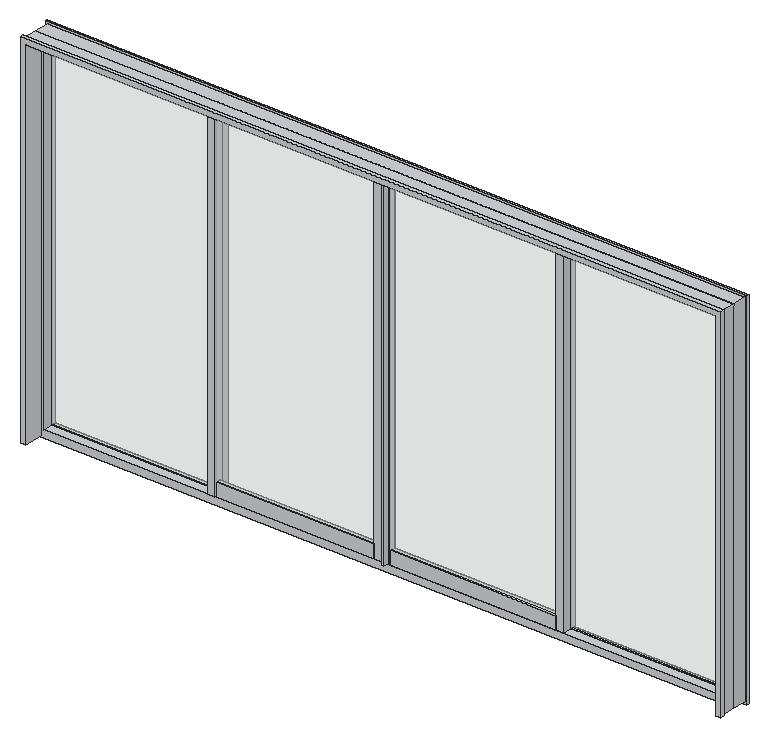
Revit family "APL Residential Thermal Heart Sliding Door FSSF", category Doors, host Wall, Revit 2017 (continued)
Definition of nested family "APL Residential Thermal Heart Sliding Door FSSF Horizontal Section"
  Definition of nested family "Interlocker"
    Definition of nested family "65500_Interlocker Stile"
      Lines and regions (mm)
        model lines, in view "Ref. Level"
          curve 246: line (-27.936, 24.829, 0) -> (-27.052, 26.357, 0)
          curve 247: line (-26.998, 26.557, 0) -> (-26.998, 26.85, 0)
          curve 248: line (-27.398, 27.25, 0) -> (-30.798, 27.25, 0)
          curve 249: line (-31.198, 26.85, 0) -> (-31.198, 26.557, 0)
          curve 250: line (-31.144, 26.357, 0) -> (-30.259, 24.829, 0)
          curve 251: line (-30.295, 23.934, 0) -> (-32.735, 23.046, 0)
          curve 252: line (-32.998, 22.67, 0) -> (-32.998, 17.03, 0)
          curve 253: line (-32.735, 16.654, 0) -> (-30.295, 15.766, 0)
          curve 254: line (-30.259, 14.871, 0) -> (-31.144, 13.343, 0)
          curve 255: line (-31.198, 13.143, 0) -> (-31.198, 12.85, 0)
          curve 256: line (-30.798, 12.45, 0) -> (-27.398, 12.45, 0)
          curve 257: arc (-16.7, 4.122, 0) -> (-16.583, 3.839, 0) -> (-16.3, 3.722, 0) r 0.4
          curve 258: arc (-16.007, 3.722, 0) -> (-15.904, 3.736, 0) -> (-15.807, 3.776, 0) r 0.4
          curve 259: arc (-14.279, 4.66, 0) -> (-13.989, 4.781, 0) -> (-13.678, 4.822, 0) r 1.2
          curve 260: arc (-12.755, 4.822, 0) -> (-12.182, 5.003, 0) -> (-11.816, 5.48, 0) r 1
          curve 261: arc (-11.023, 7.659, 0) -> (-10.876, 7.849, 0) -> (-10.647, 7.922, 0) r 0.4
          curve 262: arc (-7.953, 7.922, 0) -> (-7.724, 7.849, 0) -> (-7.577, 7.659, 0) r 0.4
          curve 263: arc (-6.784, 5.48, 0) -> (-6.418, 5.003, 0) -> (-5.845, 4.822, 0) r 1
          curve 264: arc (-4.922, 4.822, 0) -> (-4.611, 4.781, 0) -> (-4.321, 4.66, 0) r 1.2
          curve 265: arc (-2.793, 3.776, 0) -> (-2.696, 3.736, 0) -> (-2.593, 3.722, 0) r 0.4
          curve 266: arc (-2.3, 3.722, 0) -> (-2.017, 3.839, 0) -> (-1.9, 4.122, 0) r 0.4
          curve 267: arc (-1.9, 7.522, 0) -> (-2.017, 7.805, 0) -> (-2.3, 7.922, 0) r 0.4
          curve 268: arc (-2.593, 7.922, 0) -> (-2.696, 7.908, 0) -> (-2.793, 7.868, 0) r 0.4
          curve 269: arc (-4.321, 6.983, 0) -> (-4.615, 6.862, 0) -> (-4.93, 6.822, 0) r 1.2
          curve 270: arc (-4.93, 6.822, 0) -> (-5.105, 6.875, 0) -> (-5.216, 7.019, 0) r 0.3
          curve 271: arc (-6.104, 9.459, 0) -> (-6.251, 9.649, 0) -> (-6.48, 9.722, 0) r 0.4
          curve 272: arc (-12.12, 9.722, 0) -> (-12.349, 9.649, 0) -> (-12.496, 9.459, 0) r 0.4
          curve 273: arc (-13.384, 7.019, 0) -> (-13.495, 6.875, 0) -> (-13.67, 6.822, 0) r 0.3
          curve 274: arc (-13.67, 6.822, 0) -> (-13.985, 6.862, 0) -> (-14.279, 6.983, 0) r 1.2
          curve 275: arc (-15.807, 7.868, 0) -> (-15.904, 7.908, 0) -> (-16.007, 7.922, 0) r 0.4
          curve 276: arc (-16.3, 7.922, 0) -> (-16.583, 7.805, 0) -> (-16.7, 7.522, 0) r 0.4
          curve 277: line (-16.3, 3.722, 0) -> (-16.007, 3.722, 0)
          curve 278: line (-15.807, 3.776, 0) -> (-14.279, 4.66, 0)
          curve 279: line (-13.678, 4.822, 0) -> (-12.755, 4.822, 0)
          curve 280: line (-11.816, 5.48, 0) -> (-11.023, 7.659, 0)
          curve 281: line (-10.647, 7.922, 0) -> (-7.953, 7.922, 0)
          curve 282: line (-7.577, 7.659, 0) -> (-6.784, 5.48, 0)
          curve 283: line (-5.845, 4.822, 0) -> (-4.922, 4.822, 0)
          curve 284: line (-4.321, 4.66, 0) -> (-2.793, 3.776, 0)
          curve 285: line (-2.593, 3.722, 0) -> (-2.3, 3.722, 0)
          curve 286: line (-1.9, 4.122, 0) -> (-1.9, 7.522, 0)
          curve 287: line (-2.3, 7.922, 0) -> (-2.593, 7.922, 0)
          curve 288: line (-2.793, 7.868, 0) -> (-4.321, 6.983, 0)
          curve 289: line (-5.216, 7.019, 0) -> (-6.104, 9.459, 0)
          curve 290: line (-6.48, 9.722, 0) -> (-12.12, 9.722, 0)
          curve 291: line (-12.496, 9.459, 0) -> (-13.384, 7.019, 0)
          curve 292: line (-14.279, 6.983, 0) -> (-15.807, 7.868, 0)
          curve 293: line (-16.007, 7.922, 0) -> (-16.3, 7.922, 0)
          curve 294: line (-16.7, 7.522, 0) -> (-16.7, 4.122, 0)
      Text (mm)
        text "65500" at (-34.845, 58.95, 0), in view "Ref. Level"
    Definition of nested family "65420_Interlocker Mullion"
      Reference planes
        plane 1 "Center (Front/Back)": y = 0
        plane 2: z = 0
        plane 3 "Center (Left/Right)": x = 0
      Lines and regions (mm)
        model lines, in view "Ref. Level"
          curve 1: arc (-24.6, 25.5, 0) -> (-24.746, 25.146, 0) -> (-25.1, 25, 0) r 0.5
          curve 2: arc (-27.45, 25, 0) -> (-27.668, 25.128, 0) -> (-27.663, 25.38, 0) r 0.25
          curve 3: arc (-27.611, 25.466, 0) -> (-27.479, 25.572, 0) -> (-27.309, 25.569, 0) r 0.25
          curve 4: arc (-26.544, 26.823, 0) -> (-26.511, 26.898, 0) -> (-26.5, 26.979, 0) r 0.3
          curve 5: arc (-26.5, 27.5, 0) -> (-26.578, 27.658, 0) -> (-26.75, 27.694, 0) r 0.2
          curve 6: arc (-30.753, 27.5, 0) -> (-30.875, 27.526, 0) -> (-30.976, 27.6, 0) r 0.3
          curve 7: arc (-30.976, 27.6, 0) -> (-31.307, 27.68, 0) -> (-31.5, 27.4, 0) r 0.3
          curve 8: arc (-30.957, 25.179, 0) -> (-30.905, 25.09, 0) -> (-30.816, 25.038, 0) r 0.2
          curve 9: arc (-30.648, 24.993, 0) -> (-30.507, 24.852, 0) -> (-30.559, 24.659, 0) r 0.2
          curve 10: arc (-30.922, 24.295, 0) -> (-31.008, 24.235, 0) -> (-31.108, 24.208, 0) r 0.3
          curve 11: arc (-33.474, 24.001, 0) -> (-33.738, 24.117, 0) -> (-33.782, 24.403, 0) r 0.3
          curve 12: arc (-33.268, 25.813, 0) -> (-33.181, 25.939, 0) -> (-33.043, 26.005, 0) r 0.3
          curve 13: arc (-33.043, 26.005, 0) -> (-32.801, 26.278, 0) -> (-33, 26.583, 0) r 0.3
          curve 14: arc (-33, 44.4, 0) -> (-33.059, 44.541, 0) -> (-33.2, 44.6, 0) r 0.2
          curve 15: arc (-44.5, 43.5, 0) -> (-44.793, 42.793, 0) -> (-45.5, 42.5, 0) r 1
          curve 16: arc (-46.25, 42.5, 0) -> (-46.749, 43, 0) -> (-46.25, 43.5, 0) r 0.5
          curve 17: arc (-50.25, 43.5, 0) -> (-49.749, 43, 0) -> (-50.25, 42.5, 0) r 0.5
          curve 18: arc (-51.8, 42.5, 0) -> (-51.941, 42.559, 0) -> (-52, 42.7, 0) r 0.2
          curve 19: arc (-52, 61.948, 0) -> (-51.854, 62.303, 0) -> (-51.5, 62.45, 0) r 0.5
          curve 20: arc (-49.183, 62.45, 0) -> (-48.878, 62.251, 0) -> (-48.605, 62.493, 0) r 0.3
          curve 21: arc (-48.605, 62.493, 0) -> (-48.539, 62.631, 0) -> (-48.413, 62.718, 0) r 0.3
          curve 22: arc (-47.003, 63.232, 0) -> (-46.717, 63.188, 0) -> (-46.601, 62.924, 0) r 0.3
          curve 23: arc (-46.808, 60.558, 0) -> (-46.835, 60.458, 0) -> (-46.895, 60.372, 0) r 0.3
          curve 24: arc (-47.259, 60.009, 0) -> (-47.452, 59.957, 0) -> (-47.593, 60.098, 0) r 0.2
          curve 25: arc (-47.638, 60.266, 0) -> (-47.69, 60.355, 0) -> (-47.779, 60.407, 0) r 0.2
          curve 26: arc (-50, 60.95, 0) -> (-50.28, 60.757, 0) -> (-50.2, 60.426, 0) r 0.3
          curve 27: arc (-50.2, 60.426, 0) -> (-50.126, 60.325, 0) -> (-50.1, 60.203, 0) r 0.3
          curve 28: arc (-50.294, 56.2, 0) -> (-50.258, 56.028, 0) -> (-50.1, 55.95, 0) r 0.2
          curve 29: arc (-49.579, 55.95, 0) -> (-49.498, 55.961, 0) -> (-49.423, 55.994, 0) r 0.3
          curve 30: arc (-48.169, 56.759, 0) -> (-48.172, 56.929, 0) -> (-48.066, 57.061, 0) r 0.25
          curve 31: arc (-47.98, 57.113, 0) -> (-47.728, 57.118, 0) -> (-47.6, 56.9, 0) r 0.25
          curve 32: arc (-47.6, 54.875, 0) -> (-47.626, 54.778, 0) -> (-47.696, 54.705, 0) r 0.2
          curve 33: arc (-50.261, 53.139, 0) -> (-50.436, 52.957, 0) -> (-50.5, 52.712, 0) r 0.5
          curve 34: arc (-50.5, 47, 0) -> (-50.354, 46.646, 0) -> (-50, 46.5, 0) r 0.5
          curve 35: arc (-45.5, 46.5, 0) -> (-44.986, 46.409, 0) -> (-44.533, 46.147, 0) r 1.5
          curve 36: arc (-33.2, 46.1, 0) -> (-31.998, 45.602, 0) -> (-31.5, 44.4, 0) r 1.7
          curve 37: line (-24.6, 27.5, 0) -> (-24.6, 25.5, 0)
          curve 38: line (-25.1, 25, 0) -> (-27.45, 25, 0)
          curve 39: line (-27.309, 25.569, 0) -> (-26.544, 26.823, 0)
          curve 40: line (-26.544, 26.823, 0) -> (-26.5, 27.5, 0)
          curve 41: line (-26.75, 27.694, 0) -> (-27.5, 27.5, 0)
          curve 42: line (-27.475, 27.506, 0) -> (-30.753, 27.5, 0)
          curve 43: line (-31.5, 27.246, 0) -> (-30.957, 25.179, 0)
          curve 44: line (-30.957, 25.179, 0) -> (-30.648, 24.993, 0)
          curve 45: line (-30.559, 24.659, 0) -> (-30.922, 24.295, 0)
          curve 46: line (-31.108, 24.208, 0) -> (-33.474, 24.001, 0)
          curve 47: line (-33.782, 24.403, 0) -> (-33.268, 25.813, 0)
          curve 48: line (-33, 26.583, 0) -> (-33, 33.5, 0)
          curve 49: line (-33, 33.5, 0) -> (-32.6, 33.9, 0)
          curve 50: line (-32.6, 33.9, 0) -> (-33, 34.3, 0)
          curve 51: line (-33, 34.3, 0) -> (-33, 44.4, 0)
          curve 52: line (-33.2, 44.6, 0) -> (-44.5, 44.6, 0)
          curve 53: line (-44.5, 44.6, 0) -> (-44.5, 43.5, 0)
          curve 54: line (-45.5, 42.5, 0) -> (-46.25, 42.5, 0)
          curve 55: line (-46.25, 43.5, 0) -> (-45.5, 43.5, 0)
          curve 56: line (-45.5, 43.5, 0) -> (-45.5, 45, 0)
          curve 57: line (-45.5, 45, 0) -> (-51, 45, 0)
          curve 58: line (-51, 45, 0) -> (-51, 43.5, 0)
          curve 59: line (-51, 43.5, 0) -> (-50.25, 43.5, 0)
          curve 60: line (-50.25, 42.5, 0) -> (-51.8, 42.5, 0)
          curve 61: line (-52, 42.7, 0) -> (-52, 61.948, 0)
          curve 62: line (-51.5, 62.45, 0) -> (-49.183, 62.45, 0)
          curve 63: line (-48.413, 62.718, 0) -> (-47.003, 63.232, 0)
          curve 64: line (-46.601, 62.924, 0) -> (-46.808, 60.558, 0)
          curve 65: line (-46.895, 60.372, 0) -> (-47.259, 60.009, 0)
          curve 66: line (-47.593, 60.098, 0) -> (-47.638, 60.266, 0)
          curve 67: line (-47.638, 60.266, 0) -> (-49.768, 60.94, 0)
          curve 68: line (-49.768, 60.94, 0) -> (-50, 60.95, 0)
          curve 69: line (-50.1, 60.203, 0) -> (-50.1, 56.975, 0)
          curve 70: line (-50.1, 56.975, 0) -> (-50.294, 56.2, 0)
          curve 71: line (-50.1, 55.95, 0) -> (-49.579, 55.95, 0)
          curve 72: line (-49.579, 55.95, 0) -> (-48.169, 56.759, 0)
          curve 73: line (-47.6, 56.9, 0) -> (-47.6, 54.875, 0)
          curve 74: line (-47.696, 54.705, 0) -> (-50.261, 53.139, 0)
          curve 75: line (-50.5, 52.712, 0) -> (-50.5, 47, 0)
          curve 76: line (-50, 46.5, 0) -> (-45.5, 46.5, 0)
          curve 77: line (-44.405, 46.1, 0) -> (-33.2, 46.1, 0)
          curve 78: line (-31.5, 44.4, 0) -> (-31.5, 37.486, 0)
          curve 79: arc (-31.5, 37.486, 0) -> (-31.229, 37.041, 0) -> (-30.71, 37.078, 0) r 0.5
          curve 80: arc (-30.71, 37.078, 0) -> (-28.151, 37.789, 0) -> (-25.73, 36.695, 0) r 3.9
          curve 81: arc (-25.73, 36.695, 0) -> (-25.713, 35.422, 0) -> (-26.985, 35.405, 0) r 0.9
          curve 82: arc (-26.985, 35.405, 0) -> (-28.45, 36, 0) -> (-29.915, 35.405, 0) r 2.1
          curve 83: arc (-29.915, 35.405, 0) -> (-30.077, 35.28, 0) -> (-30.264, 35.194, 0) r 0.9
          curve 84: arc (-30.264, 35.194, 0) -> (-30.436, 35.097, 0) -> (-30.557, 34.94, 0) r 0.5
          curve 85: arc (-30.557, 34.94, 0) -> (-30.8, 33.9, 0) -> (-30.557, 32.86, 0) r 2.35
          curve 86: arc (-30.557, 32.86, 0) -> (-30.436, 32.703, 0) -> (-30.264, 32.606, 0) r 0.5
          curve 87: arc (-30.264, 32.606, 0) -> (-30.077, 32.52, 0) -> (-29.915, 32.395, 0) r 0.9
          curve 88: arc (-29.915, 32.395, 0) -> (-28.45, 31.8, 0) -> (-26.985, 32.395, 0) r 2.1
          curve 89: arc (-26.985, 32.395, 0) -> (-25.713, 32.378, 0) -> (-25.73, 31.105, 0) r 0.9
          curve 90: arc (-25.73, 31.105, 0) -> (-26.113, 30.778, 0) -> (-26.534, 30.503, 0) r 3.9
          curve 91: arc (-26.534, 30.503, 0) -> (-26.781, 29.979, 0) -> (-26.368, 29.574, 0) r 0.5
          curve 92: arc (-26.368, 29.574, 0) -> (-25.102, 28.862, 0) -> (-24.6, 27.5, 0) r 2.1
          curve 93: arc (-35.3, 56.85, 0) -> (-35.417, 56.567, 0) -> (-35.7, 56.45, 0) r 0.4
          curve 94: arc (-35.993, 56.45, 0) -> (-36.096, 56.464, 0) -> (-36.193, 56.504, 0) r 0.4
          curve 95: arc (-37.721, 57.389, 0) -> (-38.011, 57.509, 0) -> (-38.322, 57.55, 0) r 1.2
          curve 96: arc (-39.245, 57.55, 0) -> (-39.818, 57.731, 0) -> (-40.184, 58.208, 0) r 1
          curve 97: arc (-40.977, 60.387, 0) -> (-41.124, 60.578, 0) -> (-41.353, 60.65, 0) r 0.4
          curve 98: arc (-44.047, 60.65, 0) -> (-44.276, 60.578, 0) -> (-44.423, 60.387, 0) r 0.4
          curve 99: arc (-45.216, 58.208, 0) -> (-45.582, 57.731, 0) -> (-46.155, 57.55, 0) r 1
          curve 100: arc (-47.078, 57.55, 0) -> (-47.389, 57.509, 0) -> (-47.679, 57.389, 0) r 1.2
          curve 101: arc (-49.207, 56.504, 0) -> (-49.304, 56.464, 0) -> (-49.407, 56.45, 0) r 0.4
          curve 102: arc (-49.7, 56.45, 0) -> (-49.983, 56.567, 0) -> (-50.1, 56.85, 0) r 0.4
          curve 103: arc (-50.1, 60.25, 0) -> (-49.983, 60.533, 0) -> (-49.7, 60.65, 0) r 0.4
          curve 104: arc (-49.407, 60.65, 0) -> (-49.304, 60.636, 0) -> (-49.207, 60.596, 0) r 0.4
          curve 105: arc (-47.679, 59.711, 0) -> (-47.385, 59.59, 0) -> (-47.07, 59.55, 0) r 1.2
          curve 106: arc (-47.07, 59.55, 0) -> (-46.895, 59.603, 0) -> (-46.784, 59.747, 0) r 0.3
          curve 107: arc (-45.896, 62.187, 0) -> (-45.749, 62.378, 0) -> (-45.52, 62.45, 0) r 0.4
          curve 108: arc (-39.88, 62.45, 0) -> (-39.651, 62.378, 0) -> (-39.504, 62.187, 0) r 0.4
          curve 109: arc (-38.616, 59.747, 0) -> (-38.505, 59.603, 0) -> (-38.33, 59.55, 0) r 0.3
          curve 110: arc (-38.33, 59.55, 0) -> (-38.015, 59.59, 0) -> (-37.721, 59.711, 0) r 1.2
          curve 111: arc (-36.193, 60.596, 0) -> (-36.096, 60.636, 0) -> (-35.993, 60.65, 0) r 0.4
          curve 112: arc (-35.7, 60.65, 0) -> (-35.417, 60.533, 0) -> (-35.3, 60.25, 0) r 0.4
          curve 113: line (-35.7, 56.45, 0) -> (-35.993, 56.45, 0)
          curve 114: line (-36.193, 56.504, 0) -> (-37.721, 57.389, 0)
          curve 115: line (-38.322, 57.55, 0) -> (-39.245, 57.55, 0)
          curve 116: line (-40.184, 58.208, 0) -> (-40.977, 60.387, 0)
          curve 117: line (-41.353, 60.65, 0) -> (-44.047, 60.65, 0)
          curve 118: line (-44.423, 60.387, 0) -> (-45.216, 58.208, 0)
          curve 119: line (-46.155, 57.55, 0) -> (-47.078, 57.55, 0)
          curve 120: line (-47.679, 57.389, 0) -> (-49.207, 56.504, 0)
          curve 121: line (-49.407, 56.45, 0) -> (-49.7, 56.45, 0)
          curve 122: line (-50.1, 56.85, 0) -> (-50.1, 60.25, 0)
          curve 123: line (-49.7, 60.65, 0) -> (-49.407, 60.65, 0)
          curve 124: line (-49.207, 60.596, 0) -> (-47.679, 59.711, 0)
          curve 125: line (-46.784, 59.747, 0) -> (-45.896, 62.187, 0)
          curve 126: line (-45.52, 62.45, 0) -> (-39.88, 62.45, 0)
          curve 127: line (-39.504, 62.187, 0) -> (-38.616, 59.747, 0)
          curve 128: line (-37.721, 59.711, 0) -> (-36.193, 60.596, 0)
          curve 129: line (-35.993, 60.65, 0) -> (-35.7, 60.65, 0)
          curve 130: line (-35.3, 60.25, 0) -> (-35.3, 56.85, 0)
          curve 131: arc (-27.4, 27.5, 0) -> (-27.117, 27.383, 0) -> (-27, 27.1, 0) r 0.4
          curve 132: arc (-27, 26.807, 0) -> (-27.014, 26.704, 0) -> (-27.054, 26.607, 0) r 0.4
          curve 133: arc (-27.939, 25.079, 0) -> (-28.059, 24.789, 0) -> (-28.1, 24.478, 0) r 1.2
          curve 134: arc (-28.1, 23.555, 0) -> (-28.281, 22.982, 0) -> (-28.758, 22.616, 0) r 1
          curve 135: arc (-30.937, 21.823, 0) -> (-31.128, 21.676, 0) -> (-31.2, 21.447, 0) r 0.4
          curve 136: arc (-31.2, 18.753, 0) -> (-31.128, 18.524, 0) -> (-30.937, 18.377, 0) r 0.4
          curve 137: arc (-28.758, 17.584, 0) -> (-28.281, 17.218, 0) -> (-28.1, 16.645, 0) r 1
          curve 138: arc (-28.1, 15.722, 0) -> (-28.059, 15.411, 0) -> (-27.939, 15.121, 0) r 1.2
          curve 139: arc (-27.054, 13.593, 0) -> (-27.014, 13.496, 0) -> (-27, 13.393, 0) r 0.4
          curve 140: arc (-27, 13.1, 0) -> (-27.117, 12.817, 0) -> (-27.4, 12.7, 0) r 0.4
          curve 141: arc (-30.8, 12.7, 0) -> (-31.083, 12.817, 0) -> (-31.2, 13.1, 0) r 0.4
          curve 142: arc (-31.2, 13.393, 0) -> (-31.186, 13.496, 0) -> (-31.146, 13.593, 0) r 0.4
          curve 143: arc (-30.261, 15.121, 0) -> (-30.14, 15.415, 0) -> (-30.1, 15.73, 0) r 1.2
          curve 144: arc (-30.1, 15.73, 0) -> (-30.153, 15.905, 0) -> (-30.297, 16.016, 0) r 0.3
          curve 145: arc (-32.737, 16.904, 0) -> (-32.928, 17.051, 0) -> (-33, 17.28, 0) r 0.4
          curve 146: arc (-33, 22.92, 0) -> (-32.928, 23.149, 0) -> (-32.737, 23.296, 0) r 0.4
          curve 147: arc (-30.297, 24.184, 0) -> (-30.153, 24.295, 0) -> (-30.1, 24.47, 0) r 0.3
          curve 148: arc (-30.1, 24.47, 0) -> (-30.14, 24.785, 0) -> (-30.261, 25.079, 0) r 1.2
          curve 149: arc (-31.146, 26.607, 0) -> (-31.186, 26.704, 0) -> (-31.2, 26.807, 0) r 0.4
          curve 150: arc (-31.2, 27.1, 0) -> (-31.083, 27.383, 0) -> (-30.8, 27.5, 0) r 0.4
          curve 151: line (-27, 27.1, 0) -> (-27, 26.807, 0)
          curve 152: line (-27.054, 26.607, 0) -> (-27.939, 25.079, 0)
          curve 153: line (-28.1, 24.478, 0) -> (-28.1, 23.555, 0)
          curve 154: line (-28.758, 22.616, 0) -> (-30.937, 21.823, 0)
          curve 155: line (-31.2, 21.447, 0) -> (-31.2, 18.753, 0)
          curve 156: line (-30.937, 18.377, 0) -> (-28.758, 17.584, 0)
          curve 157: line (-28.1, 16.645, 0) -> (-28.1, 15.722, 0)
          curve 158: line (-27.939, 15.121, 0) -> (-27.054, 13.593, 0)
          curve 159: line (-27, 13.393, 0) -> (-27, 13.1, 0)
          curve 160: line (-27.4, 12.7, 0) -> (-30.8, 12.7, 0)
          curve 161: line (-31.2, 13.1, 0) -> (-31.2, 13.393, 0)
          curve 162: line (-31.146, 13.593, 0) -> (-30.261, 15.121, 0)
          curve 163: line (-30.297, 16.016, 0) -> (-32.737, 16.904, 0)
          curve 164: line (-33, 17.28, 0) -> (-33, 22.92, 0)
          curve 165: line (-32.737, 23.296, 0) -> (-30.297, 24.184, 0)
          curve 166: line (-30.261, 25.079, 0) -> (-31.146, 26.607, 0)
          curve 167: line (-31.2, 26.807, 0) -> (-31.2, 27.1, 0)
          curve 168: line (-30.8, 27.5, 0) -> (-27.4, 27.5, 0)
          curve 169: arc (-21.001, 10.8, 0) -> (-21.707, 10.507, 0) -> (-22, 9.8, 0) r 1
          curve 170: arc (-22, 3.501, 0) -> (-21.707, 2.793, 0) -> (-21, 2.5, 0) r 1
          curve 171: arc (-2.8, 2.5, 0) -> (-2.093, 2.793, 0) -> (-1.8, 3.5, 0) r 1
          curve 172: arc (-1.8, 9.8, 0) -> (-2.093, 10.507, 0) -> (-2.8, 10.8, 0) r 1
          curve 173: arc (-2.656, 30.548, 0) -> (-2.153, 30.553, 0) -> (-1.9, 30.119, 0) r 0.5
          curve 174: arc (-1.9, 13.7, 0) -> (-2.193, 12.993, 0) -> (-2.9, 12.7, 0) r 1
          curve 175: arc (-24.1, 12.7, 0) -> (-24.454, 12.846, 0) -> (-24.6, 13.2, 0) r 0.5
          curve 176: arc (-24.6, 14.698, 0) -> (-24.746, 15.053, 0) -> (-25.1, 15.2, 0) r 0.5
          curve 177: arc (-27.449, 15.2, 0) -> (-27.668, 15.073, 0) -> (-27.663, 14.82, 0) r 0.25
          curve 178: arc (-27.611, 14.734, 0) -> (-27.479, 14.628, 0) -> (-27.309, 14.631, 0) r 0.25
          curve 179: arc (-26.544, 13.377, 0) -> (-26.511, 13.302, 0) -> (-26.5, 13.221, 0) r 0.3
          curve 180: arc (-26.5, 12.7, 0) -> (-26.578, 12.542, 0) -> (-26.75, 12.506, 0) r 0.2
          curve 181: arc (-30.753, 12.7, 0) -> (-30.875, 12.674, 0) -> (-30.976, 12.6, 0) r 0.3
          curve 182: arc (-30.976, 12.6, 0) -> (-31.307, 12.52, 0) -> (-31.5, 12.8, 0) r 0.3
          curve 183: arc (-30.957, 15.021, 0) -> (-30.905, 15.11, 0) -> (-30.816, 15.162, 0) r 0.2
          curve 184: arc (-30.648, 15.207, 0) -> (-30.507, 15.348, 0) -> (-30.559, 15.541, 0) r 0.2
          curve 185: arc (-30.922, 15.905, 0) -> (-31.008, 15.965, 0) -> (-31.108, 15.992, 0) r 0.3
          curve 186: arc (-33.474, 16.199, 0) -> (-33.738, 16.083, 0) -> (-33.782, 15.797, 0) r 0.3
          curve 187: arc (-33.268, 14.387, 0) -> (-33.181, 14.261, 0) -> (-33.043, 14.195, 0) r 0.3
          curve 188: arc (-33.043, 14.195, 0) -> (-32.801, 13.922, 0) -> (-33, 13.617, 0) r 0.3
          curve 189: arc (-33, 9.5, 0) -> (-32.941, 9.359, 0) -> (-32.8, 9.3, 0) r 0.2
          curve 190: arc (-32.5, 9.3, 0) -> (-32.2, 9.38, 0) -> (-31.98, 9.6, 0) r 0.6
          curve 191: arc (-31.345, 10.7, 0) -> (-31.272, 10.773, 0) -> (-31.172, 10.8, 0) r 0.2
          curve 192: arc (-25, 10.8, 0) -> (-24.293, 10.507, 0) -> (-24, 9.8, 0) r 1
          curve 193: arc (-24, 2.463, 0) -> (-24.286, 1.763, 0) -> (-24.98, 1.463, 0) r 1
          curve 194: arc (-31.935, 1.322, 0) -> (-32.052, 1.357, 0) -> (-32.127, 1.453, 0) r 0.2
          curve 195: arc (-32.127, 1.453, 0) -> (-32.234, 1.621, 0) -> (-32.403, 1.725, 0) r 0.45
          curve 196: arc (-32.403, 1.725, 0) -> (-32.522, 1.729, 0) -> (-32.621, 1.665, 0) r 0.2
          curve 197: arc (-33, 0.2, 0) -> (-32.941, 0.059, 0) -> (-32.8, 0, 0) r 0.2
          curve 198: arc (-0.5, 0, 0) -> (-0.146, 0.146, 0) -> (0, 0.5, 0) r 0.5
          curve 199: arc (0, 70.3, 0) -> (-0.059, 70.441, 0) -> (-0.2, 70.5, 0) r 0.2
          curve 200: arc (-0.8, 70.5, 0) -> (-0.941, 70.441, 0) -> (-1, 70.3, 0) r 0.2
          curve 201: arc (-1, 69.7, 0) -> (-1.059, 69.559, 0) -> (-1.2, 69.5, 0) r 0.2
          curve 202: arc (-8.75, 69.5, 0) -> (-9.25, 69, 0) -> (-8.75, 68.5, 0) r 0.5
          curve 203: arc (-7.85, 68.5, 0) -> (-7.709, 68.441, 0) -> (-7.65, 68.3, 0) r 0.2
          curve 204: arc (-7.65, 67.2, 0) -> (-7.709, 67.059, 0) -> (-7.85, 67, 0) r 0.2
          curve 205: arc (-15.15, 67, 0) -> (-15.291, 67.059, 0) -> (-15.35, 67.2, 0) r 0.2
          curve 206: arc (-15.35, 68.3, 0) -> (-15.291, 68.441, 0) -> (-15.15, 68.5, 0) r 0.2
          curve 207: arc (-14.25, 68.5, 0) -> (-13.75, 69, 0) -> (-14.25, 69.5, 0) r 0.5
          curve 208: arc (-14.85, 69.5, 0) -> (-15.204, 69.646, 0) -> (-15.35, 70, 0) r 0.5
          curve 209: arc (-15.35, 70, 0) -> (-15.496, 70.354, 0) -> (-15.85, 70.5, 0) r 0.5
          curve 210: arc (-30.65, 70.5, 0) -> (-31.399, 69.779, 0) -> (-30.709, 69.002, 0) r 0.75
          curve 211: arc (-20.534, 68.077, 0) -> (-20.403, 68.013, 0) -> (-20.35, 67.877, 0) r 0.2
          curve 212: arc (-20.35, 67.25, 0) -> (-19.85, 66.75, 0) -> (-19.35, 67.25, 0) r 0.5
          curve 213: arc (-19.35, 67.8, 0) -> (-19.291, 67.941, 0) -> (-19.15, 68, 0) r 0.2
          curve 214: arc (-18.05, 68, 0) -> (-17.909, 67.941, 0) -> (-17.85, 67.8, 0) r 0.2
          curve 215: arc (-17.85, 62.7, 0) -> (-17.909, 62.559, 0) -> (-18.05, 62.5, 0) r 0.2
          curve 216: arc (-19.15, 62.5, 0) -> (-19.291, 62.559, 0) -> (-19.35, 62.7, 0) r 0.2
          curve 217: arc (-19.35, 63.25, 0) -> (-19.85, 63.75, 0) -> (-20.35, 63.25, 0) r 0.5
          curve 218: arc (-20.35, 62.65, 0) -> (-20.409, 62.509, 0) -> (-20.55, 62.45, 0) r 0.2
          curve 219: arc (-36.217, 62.45, 0) -> (-36.522, 62.251, 0) -> (-36.795, 62.493, 0) r 0.3
          curve 220: arc (-36.795, 62.493, 0) -> (-36.861, 62.631, 0) -> (-36.987, 62.718, 0) r 0.3
          curve 221: arc (-38.397, 63.232, 0) -> (-38.683, 63.188, 0) -> (-38.799, 62.924, 0) r 0.3
          curve 222: arc (-38.592, 60.558, 0) -> (-38.565, 60.458, 0) -> (-38.505, 60.372, 0) r 0.3
          curve 223: arc (-38.141, 60.009, 0) -> (-37.948, 59.957, 0) -> (-37.807, 60.098, 0) r 0.2
          curve 224: arc (-37.762, 60.266, 0) -> (-37.71, 60.355, 0) -> (-37.621, 60.407, 0) r 0.2
          curve 225: arc (-35.4, 60.95, 0) -> (-35.12, 60.757, 0) -> (-35.2, 60.426, 0) r 0.3
          curve 226: arc (-35.2, 60.426, 0) -> (-35.274, 60.325, 0) -> (-35.3, 60.203, 0) r 0.3
          curve 227: arc (-35.106, 56.2, 0) -> (-35.142, 56.028, 0) -> (-35.3, 55.95, 0) r 0.2
          curve 228: arc (-35.821, 55.95, 0) -> (-35.902, 55.961, 0) -> (-35.977, 55.994, 0) r 0.3
          curve 229: arc (-37.231, 56.759, 0) -> (-37.228, 56.929, 0) -> (-37.334, 57.061, 0) r 0.25
          curve 230: arc (-37.42, 57.113, 0) -> (-37.672, 57.118, 0) -> (-37.8, 56.9, 0) r 0.25
          curve 231: arc (-37.8, 54.875, 0) -> (-37.774, 54.778, 0) -> (-37.704, 54.705, 0) r 0.2
          curve 232: arc (-36.751, 54.123, 0) -> (-36.626, 54.069, 0) -> (-36.491, 54.05, 0) r 0.5
          curve 233: arc (-33.9, 54.05, 0) -> (-33.546, 54.196, 0) -> (-33.4, 54.55, 0) r 0.5
          curve 234: arc (-33.4, 59.15, 0) -> (-33.254, 59.504, 0) -> (-32.9, 59.65, 0) r 0.5
          curve 235: arc (-17.952, 59.65, 0) -> (-16.112, 60.411, 0) -> (-15.35, 62.25, 0) r 2.6
          curve 236: arc (-15.35, 64, 0) -> (-15.291, 64.141, 0) -> (-15.15, 64.2, 0) r 0.2
          curve 237: arc (-7.85, 64.2, 0) -> (-6.162, 64.792, 0) -> (-5.215, 66.309, 0) r 2.7
          curve 238: arc (-5.215, 66.309, 0) -> (-5.04, 66.59, 0) -> (-4.727, 66.7, 0) r 0.5
          curve 239: arc (-2.4, 66.7, 0) -> (-2.046, 66.554, 0) -> (-1.9, 66.2, 0) r 0.5
          curve 240: line (-22, 9.8, 0) -> (-22, 3.501, 0)
          curve 241: line (-21, 2.5, 0) -> (-2.8, 2.5, 0)
          curve 242: line (-1.8, 3.5, 0) -> (-1.8, 9.8, 0)
          curve 243: line (-2.8, 10.8, 0) -> (-21.001, 10.8, 0)
          curve 244: line (-1.9, 30.119, 0) -> (-1.9, 13.7, 0)
          curve 245: line (-2.9, 12.7, 0) -> (-24.1, 12.7, 0)
          curve 246: line (-24.6, 13.2, 0) -> (-24.6, 14.698, 0)
          curve 247: line (-25.1, 15.2, 0) -> (-27.449, 15.2, 0)
          curve 248: line (-27.309, 14.631, 0) -> (-26.544, 13.377, 0)
          curve 249: line (-26.544, 13.377, 0) -> (-26.5, 12.7, 0)
          curve 250: line (-26.75, 12.506, 0) -> (-27.475, 12.694, 0)
          curve 251: line (-27.475, 12.694, 0) -> (-30.753, 12.7, 0)
          curve 252: line (-31.5, 12.954, 0) -> (-30.957, 15.021, 0)
          curve 253: line (-30.957, 15.021, 0) -> (-30.648, 15.207, 0)
          curve 254: line (-30.559, 15.541, 0) -> (-30.922, 15.905, 0)
          curve 255: line (-31.108, 15.992, 0) -> (-33.474, 16.199, 0)
          curve 256: line (-33.782, 15.797, 0) -> (-33.268, 14.387, 0)
          curve 257: line (-33, 13.617, 0) -> (-33, 9.5, 0)
          curve 258: line (-32.8, 9.3, 0) -> (-32.5, 9.3, 0)
          curve 259: line (-31.98, 9.6, 0) -> (-31.345, 10.7, 0)
          curve 260: line (-31.172, 10.8, 0) -> (-25, 10.8, 0)
          curve 261: line (-24, 9.8, 0) -> (-24, 2.463, 0)
          curve 262: line (-24.98, 1.463, 0) -> (-31.935, 1.322, 0)
          curve 263: line (-32.621, 1.665, 0) -> (-32.953, 1.269, 0)
          curve 264: line (-32.953, 1.269, 0) -> (-33, 0.2, 0)
          curve 265: line (-32.8, 0, 0) -> (-0.5, 0, 0)
          curve 266: line (0, 0.5, 0) -> (0, 70.3, 0)
          curve 267: line (-0.2, 70.5, 0) -> (-0.8, 70.5, 0)
          curve 268: line (-1, 70.3, 0) -> (-1, 69.7, 0)
          curve 269: line (-1.2, 69.5, 0) -> (-8.75, 69.5, 0)
          curve 270: line (-8.75, 68.5, 0) -> (-7.85, 68.5, 0)
          curve 271: line (-7.65, 68.3, 0) -> (-7.65, 67.2, 0)
          curve 272: line (-7.85, 67, 0) -> (-15.15, 67, 0)
          curve 273: line (-15.35, 67.2, 0) -> (-15.35, 68.3, 0)
          curve 274: line (-15.15, 68.5, 0) -> (-14.25, 68.5, 0)
          curve 275: line (-14.25, 69.5, 0) -> (-14.85, 69.5, 0)
          curve 276: line (-15.85, 70.5, 0) -> (-30.65, 70.5, 0)
          curve 277: line (-30.709, 69.002, 0) -> (-20.534, 68.077, 0)
          curve 278: line (-20.35, 67.877, 0) -> (-20.35, 67.25, 0)
          curve 279: line (-19.35, 67.25, 0) -> (-19.35, 67.8, 0)
          curve 280: line (-19.15, 68, 0) -> (-18.05, 68, 0)
          curve 281: line (-17.85, 67.8, 0) -> (-17.85, 62.7, 0)
          curve 282: line (-18.05, 62.5, 0) -> (-19.15, 62.5, 0)
          curve 283: line (-19.35, 62.7, 0) -> (-19.35, 63.25, 0)
          curve 284: line (-20.35, 63.25, 0) -> (-20.35, 62.65, 0)
          curve 285: line (-20.55, 62.45, 0) -> (-36.217, 62.45, 0)
          curve 286: line (-36.987, 62.718, 0) -> (-38.397, 63.232, 0)
          curve 287: line (-38.799, 62.924, 0) -> (-38.592, 60.558, 0)
          curve 288: line (-38.505, 60.372, 0) -> (-38.141, 60.009, 0)
          curve 289: line (-37.807, 60.098, 0) -> (-37.762, 60.266, 0)
          curve 290: line (-37.762, 60.266, 0) -> (-35.632, 60.94, 0)
          curve 291: line (-35.632, 60.94, 0) -> (-35.4, 60.95, 0)
          curve 292: line (-35.3, 60.203, 0) -> (-35.3, 56.975, 0)
          curve 293: line (-35.3, 56.975, 0) -> (-35.106, 56.2, 0)
          curve 294: line (-35.3, 55.95, 0) -> (-35.821, 55.95, 0)
          curve 295: line (-35.821, 55.95, 0) -> (-37.231, 56.759, 0)
          curve 296: line (-37.8, 56.9, 0) -> (-37.8, 54.875, 0)
          curve 297: line (-37.704, 54.705, 0) -> (-36.751, 54.123, 0)
          curve 298: line (-36.491, 54.05, 0) -> (-33.9, 54.05, 0)
          curve 299: line (-33.4, 54.55, 0) -> (-33.4, 59.15, 0)
          curve 300: line (-32.9, 59.65, 0) -> (-17.952, 59.65, 0)
          curve 301: line (-15.35, 62.25, 0) -> (-15.35, 64, 0)
          curve 302: line (-15.15, 64.2, 0) -> (-7.85, 64.2, 0)
          curve 303: line (-4.727, 66.7, 0) -> (-2.4, 66.7, 0)
          curve 304: line (-1.9, 66.2, 0) -> (-1.9, 37.681, 0)
          curve 305: arc (-1.9, 37.681, 0) -> (-2.153, 37.247, 0) -> (-2.656, 37.252, 0) r 0.5
          curve 306: arc (-2.656, 37.252, 0) -> (-5.107, 37.773, 0) -> (-7.37, 36.695, 0) r 3.9
          curve 307: arc (-7.37, 36.695, 0) -> (-7.387, 35.422, 0) -> (-6.115, 35.405, 0) r 0.9
          curve 308: arc (-6.115, 35.405, 0) -> (-4.65, 36, 0) -> (-3.185, 35.405, 0) r 2.1
          curve 309: arc (-3.185, 35.405, 0) -> (-3.023, 35.28, 0) -> (-2.836, 35.194, 0) r 0.9
          curve 310: arc (-2.836, 35.194, 0) -> (-2.664, 35.097, 0) -> (-2.543, 34.94, 0) r 0.5
          curve 311: arc (-2.543, 34.94, 0) -> (-2.3, 33.9, 0) -> (-2.543, 32.86, 0) r 2.35
          curve 312: arc (-2.543, 32.86, 0) -> (-2.664, 32.703, 0) -> (-2.836, 32.606, 0) r 0.5
          curve 313: arc (-2.836, 32.606, 0) -> (-3.023, 32.52, 0) -> (-3.185, 32.395, 0) r 0.9
          curve 314: arc (-3.185, 32.395, 0) -> (-4.65, 31.8, 0) -> (-6.115, 32.395, 0) r 2.1
          curve 315: arc (-6.115, 32.395, 0) -> (-7.387, 32.378, 0) -> (-7.37, 31.105, 0) r 0.9
          curve 316: arc (-7.37, 31.105, 0) -> (-5.107, 30.027, 0) -> (-2.656, 30.548, 0) r 3.9
      Text (mm)
        text "65420" at (-82.532, 21.092, 0), in view "Ref. Level"
  Definition of nested family "Jamb Fixed"
    Reference planes
      plane 1 "Center (Front/Back)": y = 0
      plane 2: z = 0
      plane 3 "Center (Left/Right)": x = 0
    Lines and regions (mm)
      detail lines, in view "Ref. Level"
        curve 1: arc (34.145, 40.782, 0) -> (34.004, 40.472, 0) -> (34.304, 40.309, 0) r 0.25
        curve 2: arc (44.192, 40.336, 0) -> (44.491, 40.498, 0) -> (44.351, 40.808, 0) r 0.25
        curve 3: line (34.304, 40.309, 0) -> (38.171, 41.303, 0)
        curve 4: line (38.171, 41.303, 0) -> (38.75, 40.3, 0)
        curve 5: line (38.75, 40.3, 0) -> (39.75, 40.3, 0)
        curve 6: line (39.75, 40.3, 0) -> (40.342, 41.325, 0)
        curve 7: line (40.342, 41.325, 0) -> (44.192, 40.336, 0)
        curve 8: line (44.351, 40.808, 0) -> (40.25, 42.532, 0)
        curve 9: line (40.25, 42.532, 0) -> (40.25, 43.8, 0)
        curve 10: line (40.25, 43.8, 0) -> (41.5, 43.8, 0)
        curve 11: line (41.5, 43.8, 0) -> (41.5, 44.8, 0)
        curve 12: line (41.5, 44.8, 0) -> (37, 44.8, 0)
        curve 13: line (37, 44.8, 0) -> (37, 43.8, 0)
        curve 14: line (37, 43.8, 0) -> (38.25, 43.8, 0)
        curve 15: line (38.25, 43.8, 0) -> (38.25, 42.508, 0)
        curve 16: line (38.25, 42.508, 0) -> (34.145, 40.782, 0)
      detail lines, in view "Ref. Level", not visible
        curve 17: arc (33.161, -9.933, 0) -> (32.851, -9.793, 0) -> (32.689, -10.092, 0) r 0.25
        curve 18: arc (32.715, -19.98, 0) -> (32.877, -20.279, 0) -> (33.188, -20.139, 0) r 0.25
        curve 19: line (32.689, -10.092, 0) -> (33.683, -13.959, 0)
        curve 20: line (33.683, -13.959, 0) -> (32.679, -14.539, 0)
        curve 21: line (32.679, -14.539, 0) -> (32.679, -15.539, 0)
        curve 22: line (32.679, -15.539, 0) -> (33.705, -16.131, 0)
        curve 23: line (33.705, -16.131, 0) -> (32.715, -19.98, 0)
        curve 24: line (33.188, -20.139, 0) -> (34.912, -16.039, 0)
        curve 25: line (34.912, -16.039, 0) -> (36.179, -16.039, 0)
        curve 26: line (36.179, -16.039, 0) -> (36.179, -17.289, 0)
        curve 27: line (36.179, -17.289, 0) -> (37.179, -17.289, 0)
        curve 28: line (37.179, -17.289, 0) -> (37.179, -12.789, 0)
        curve 29: line (37.179, -12.789, 0) -> (36.179, -12.789, 0)
        curve 30: line (36.179, -12.789, 0) -> (36.179, -14.039, 0)
        curve 31: line (36.179, -14.039, 0) -> (34.887, -14.039, 0)
        curve 32: line (34.887, -14.039, 0) -> (33.161, -9.933, 0)
    Nested families
      nested 1: "65400_Jamb Fixed" at (43, 0, 0) x (0, 1, 0) z (0, 0, 1), type "65400_Jamb Fixed", in view "Ref. Level"
      nested 2: "65585_Infill" at (43, 110.375, 0) x (0, -1, 0) z (0, 0, 1), type "65585_Infill", in view "Ref. Level"
    Definition of nested family "65400_Jamb Fixed"
      Reference planes
        plane 1 "Center (Front/Back)": y = 0
        plane 2: z = 0
        plane 3 "Center (Left/Right)": x = 0
      Lines and regions (mm)
        detail lines, in view "Ref. Level"
          curve 1: arc (46.1, 18.8, 0) -> (45.602, 20.002, 0) -> (44.4, 20.5, 0) r 1.7
          curve 2: arc (29.9, 20.5, 0) -> (29.546, 20.646, 0) -> (29.4, 21, 0) r 0.5
          curve 3: arc (29.4, 34.099, 0) -> (29.546, 34.453, 0) -> (29.9, 34.6, 0) r 0.5
          curve 4: arc (36.605, 34.6, 0) -> (37.013, 34.521, 0) -> (37.363, 34.296, 0) r 1.1
          curve 5: arc (37.363, 34.296, 0) -> (38.199, 33.684, 0) -> (39.189, 33.379, 0) r 3.126
          curve 6: arc (62.286, 32.2, 0) -> (62.738, 31.881, 0) -> (63.285, 31.958, 0) r 0.75
          curve 7: arc (63.285, 31.958, 0) -> (64.2, 32.2, 0) -> (65.115, 31.958, 0) r 1.85
          curve 8: arc (65.115, 31.958, 0) -> (65.281, 31.888, 0) -> (65.459, 31.86, 0) r 0.75
          curve 9: arc (65.459, 31.86, 0) -> (65.663, 31.808, 0) -> (65.828, 31.676, 0) r 0.5
          curve 10: arc (65.828, 31.676, 0) -> (66.3, 30.35, 0) -> (65.828, 29.024, 0) r 2.1
          curve 11: arc (65.828, 29.024, 0) -> (65.663, 28.892, 0) -> (65.459, 28.84, 0) r 0.5
          curve 12: arc (65.459, 28.84, 0) -> (65.281, 28.812, 0) -> (65.115, 28.742, 0) r 0.75
          curve 13: arc (65.115, 28.742, 0) -> (63.721, 28.563, 0) -> (62.604, 29.415, 0) r 1.85
          curve 14: arc (62.604, 29.415, 0) -> (61.577, 29.683, 0) -> (61.309, 28.657, 0) r 0.75
          curve 15: arc (61.309, 28.657, 0) -> (62.349, 27.558, 0) -> (63.765, 27.028, 0) r 3.35
          curve 16: arc (63.765, 27.028, 0) -> (64.076, 26.862, 0) -> (64.2, 26.533, 0) r 0.5
          curve 17: arc (64.2, 17.483, 0) -> (64.489, 15.565, 0) -> (65.33, 13.818, 0) r 6.5
          curve 18: arc (65.33, 13.818, 0) -> (65.978, 12.474, 0) -> (66.2, 11, 0) r 5
          curve 19: arc (66.2, 1.9, 0) -> (66.054, 1.546, 0) -> (65.7, 1.4, 0) r 0.5
          curve 20: arc (47, 1.4, 0) -> (46.646, 1.546, 0) -> (46.5, 1.9, 0) r 0.5
          curve 21: arc (46.5, 6.5, 0) -> (46.396, 7.048, 0) -> (46.1, 7.52, 0) r 1.5
          curve 22: arc (24.183, 34.774, 0) -> (24.053, 34.838, 0) -> (24, 34.973, 0) r 0.2
          curve 23: arc (24.399, 37.321, 0) -> (24.668, 37.608, 0) -> (25.06, 37.613, 0) r 0.5
          curve 24: arc (25.06, 37.613, 0) -> (25.236, 37.7, 0) -> (25.42, 37.633, 0) r 0.25
          curve 25: arc (25.42, 37.633, 0) -> (25.563, 37.502, 0) -> (25.569, 37.309, 0) r 0.25
          curve 26: arc (26.823, 36.544, 0) -> (26.898, 36.511, 0) -> (26.979, 36.5, 0) r 0.3
          curve 27: arc (27.5, 36.5, 0) -> (27.658, 36.578, 0) -> (27.694, 36.75, 0) r 0.2
          curve 28: arc (27.5, 40.753, 0) -> (27.526, 40.875, 0) -> (27.6, 40.976, 0) r 0.3
          curve 29: arc (27.6, 40.976, 0) -> (27.664, 41.343, 0) -> (27.322, 41.49, 0) r 0.3
          curve 30: arc (25.179, 40.957, 0) -> (25.09, 40.905, 0) -> (25.038, 40.816, 0) r 0.2
          curve 31: arc (24.993, 40.648, 0) -> (24.852, 40.507, 0) -> (24.659, 40.559, 0) r 0.2
          curve 32: arc (24.295, 40.922, 0) -> (24.235, 41.008, 0) -> (24.208, 41.108, 0) r 0.3
          curve 33: arc (24.001, 43.474, 0) -> (24.117, 43.738, 0) -> (24.403, 43.782, 0) r 0.3
          curve 34: arc (25.813, 43.268, 0) -> (25.939, 43.181, 0) -> (26.005, 43.043, 0) r 0.3
          curve 35: arc (26.005, 43.043, 0) -> (26.278, 42.801, 0) -> (26.583, 43, 0) r 0.3
          curve 36: arc (28.9, 43, 0) -> (29.254, 42.854, 0) -> (29.4, 42.5, 0) r 0.5
          curve 37: arc (29.4, 36.9, 0) -> (29.546, 36.546, 0) -> (29.9, 36.4, 0) r 0.499
          curve 38: arc (37.767, 36.4, 0) -> (38.931, 36.165, 0) -> (39.913, 35.497, 0) r 2.996
          curve 39: arc (39.913, 35.497, 0) -> (40.232, 35.27, 0) -> (40.611, 35.169, 0) r 1.1
          curve 40: arc (68.1, 34.1, 0) -> (68.241, 34.159, 0) -> (68.3, 34.3, 0) r 0.2
          curve 41: arc (68.3, 42.5, 0) -> (68.446, 42.854, 0) -> (68.8, 43, 0) r 0.5
          curve 42: arc (71.117, 43, 0) -> (71.422, 42.801, 0) -> (71.695, 43.043, 0) r 0.3
          curve 43: arc (71.695, 43.043, 0) -> (71.761, 43.181, 0) -> (71.887, 43.268, 0) r 0.3
          curve 44: arc (73.297, 43.782, 0) -> (73.583, 43.738, 0) -> (73.699, 43.474, 0) r 0.3
          curve 45: arc (73.492, 41.108, 0) -> (73.465, 41.008, 0) -> (73.405, 40.922, 0) r 0.3
          curve 46: arc (73.041, 40.559, 0) -> (72.848, 40.507, 0) -> (72.707, 40.648, 0) r 0.2
          curve 47: arc (72.662, 40.816, 0) -> (72.61, 40.905, 0) -> (72.521, 40.957, 0) r 0.2
          curve 48: arc (70.378, 41.49, 0) -> (70.036, 41.343, 0) -> (70.1, 40.976, 0) r 0.3
          curve 49: arc (70.1, 40.976, 0) -> (70.174, 40.875, 0) -> (70.2, 40.753, 0) r 0.3
          curve 50: arc (70.006, 36.75, 0) -> (70.042, 36.578, 0) -> (70.2, 36.5, 0) r 0.2
          curve 51: arc (70.721, 36.5, 0) -> (70.802, 36.511, 0) -> (70.877, 36.544, 0) r 0.3
          curve 52: arc (72.131, 37.309, 0) -> (72.137, 37.502, 0) -> (72.28, 37.633, 0) r 0.25
          curve 53: arc (72.28, 37.633, 0) -> (72.55, 37.679, 0) -> (72.7, 37.45, 0) r 0.25
          curve 54: arc (72.7, 35.876, 0) -> (72.618, 35.478, 0) -> (72.385, 35.146, 0) r 1
          curve 55: arc (72.385, 35.146, 0) -> (72.322, 35, 0) -> (72.385, 34.854, 0) r 0.2
          curve 56: arc (72.385, 34.854, 0) -> (72.618, 34.523, 0) -> (72.7, 34.126, 0) r 1
          curve 57: arc (72.7, 32.551, 0) -> (72.573, 32.332, 0) -> (72.32, 32.337, 0) r 0.25
          curve 58: arc (72.234, 32.389, 0) -> (72.128, 32.521, 0) -> (72.131, 32.691, 0) r 0.25
          curve 59: arc (70.877, 33.456, 0) -> (70.802, 33.489, 0) -> (70.721, 33.5, 0) r 0.3
          curve 60: arc (70.2, 33.5, 0) -> (70.042, 33.422, 0) -> (70.006, 33.25, 0) r 0.2
          curve 61: arc (70.2, 29.247, 0) -> (70.174, 29.124, 0) -> (70.1, 29.024, 0) r 0.3
          curve 62: arc (70.1, 29.024, 0) -> (70.02, 28.693, 0) -> (70.3, 28.5, 0) r 0.3
          curve 63: arc (72.521, 29.043, 0) -> (72.61, 29.095, 0) -> (72.662, 29.184, 0) r 0.2
          curve 64: arc (72.707, 29.352, 0) -> (72.848, 29.493, 0) -> (73.041, 29.441, 0) r 0.2
          curve 65: arc (73.405, 29.078, 0) -> (73.465, 28.992, 0) -> (73.492, 28.892, 0) r 0.3
          curve 66: arc (73.699, 26.526, 0) -> (73.583, 26.262, 0) -> (73.297, 26.218, 0) r 0.3
          curve 67: arc (71.887, 26.732, 0) -> (71.761, 26.819, 0) -> (71.695, 26.957, 0) r 0.3
          curve 68: arc (71.695, 26.957, 0) -> (71.422, 27.199, 0) -> (71.117, 27, 0) r 0.3
          curve 69: arc (66.201, 27, 0) -> (65.847, 26.854, 0) -> (65.7, 26.5, 0) r 0.5
          curve 70: arc (65.7, 17.481, 0) -> (65.922, 16.006, 0) -> (66.57, 14.663, 0) r 5
          curve 71: arc (66.57, 14.663, 0) -> (67.411, 12.917, 0) -> (67.7, 11, 0) r 6.5
          curve 72: arc (67.7, 9.9, 0) -> (67.759, 9.759, 0) -> (67.9, 9.7, 0) r 0.2
          curve 73: arc (69.3, 9.7, 0) -> (69.441, 9.759, 0) -> (69.5, 9.9, 0) r 0.2
          curve 74: arc (69.5, 10.2, 0) -> (70, 10.701, 0) -> (70.5, 10.2, 0) r 0.5
          curve 75: arc (70.5, 7.649, 0) -> (69.999, 7.15, 0) -> (69.5, 7.65, 0) r 0.5
          curve 76: arc (69.5, 8.5, 0) -> (69.441, 8.641, 0) -> (69.3, 8.7, 0) r 0.2
          curve 77: arc (67.9, 8.7, 0) -> (67.759, 8.641, 0) -> (67.7, 8.5, 0) r 0.2
          curve 78: arc (67.7, 1.2, 0) -> (67.759, 1.059, 0) -> (67.9, 1, 0) r 0.2
          curve 79: arc (69.3, 1, 0) -> (69.441, 1.059, 0) -> (69.5, 1.2, 0) r 0.2
          curve 80: arc (69.5, 2.05, 0) -> (70, 2.551, 0) -> (70.5, 2.05, 0) r 0.5
          curve 81: arc (70.5, 0.501, 0) -> (70.354, 0.147, 0) -> (70, 0, 0) r 0.5
          curve 82: arc (42.7, 0, 0) -> (42.559, 0.059, 0) -> (42.5, 0.2, 0) r 0.2
          curve 83: arc (42.5, 1.75, 0) -> (43, 2.251, 0) -> (43.5, 1.75, 0) r 0.5
          curve 84: arc (43.5, 1.2, 0) -> (43.559, 1.059, 0) -> (43.7, 1, 0) r 0.2
          curve 85: arc (44.8, 1, 0) -> (44.941, 1.059, 0) -> (45, 1.2, 0) r 0.2
          curve 86: arc (45, 6.3, 0) -> (44.941, 6.441, 0) -> (44.8, 6.5, 0) r 0.2
          curve 87: arc (43.7, 6.5, 0) -> (43.559, 6.441, 0) -> (43.5, 6.3, 0) r 0.2
          curve 88: arc (43.5, 5.75, 0) -> (43, 5.251, 0) -> (42.5, 5.75, 0) r 0.5
          curve 89: arc (42.5, 6.5, 0) -> (42.793, 7.207, 0) -> (43.5, 7.5, 0) r 1
          curve 90: arc (44.395, 7.5, 0) -> (44.539, 7.557, 0) -> (44.6, 7.7, 0) r 0.202
          curve 91: arc (44.6, 18.8, 0) -> (44.538, 18.942, 0) -> (44.395, 19, 0) r 0.205
          curve 92: arc (26.583, 19, 0) -> (26.278, 19.199, 0) -> (26.005, 18.957, 0) r 0.3
          curve 93: arc (26.005, 18.957, 0) -> (25.939, 18.819, 0) -> (25.813, 18.732, 0) r 0.3
          curve 94: arc (24.403, 18.218, 0) -> (24.117, 18.262, 0) -> (24.001, 18.526, 0) r 0.3
          curve 95: arc (24.208, 20.892, 0) -> (24.235, 20.992, 0) -> (24.295, 21.078, 0) r 0.3
          curve 96: arc (24.659, 21.441, 0) -> (24.852, 21.493, 0) -> (24.993, 21.352, 0) r 0.2
          curve 97: arc (25.038, 21.184, 0) -> (25.09, 21.095, 0) -> (25.179, 21.043, 0) r 0.2
          curve 98: arc (27.322, 20.51, 0) -> (27.664, 20.657, 0) -> (27.6, 21.024, 0) r 0.3
          curve 99: arc (27.6, 21.024, 0) -> (27.526, 21.125, 0) -> (27.5, 21.247, 0) r 0.3
          curve 100: arc (27.694, 25.25, 0) -> (27.658, 25.422, 0) -> (27.5, 25.5, 0) r 0.2
          curve 101: arc (26.979, 25.5, 0) -> (26.898, 25.489, 0) -> (26.823, 25.456, 0) r 0.3
          curve 102: arc (25.569, 24.691, 0) -> (25.563, 24.498, 0) -> (25.42, 24.367, 0) r 0.25
          curve 103: arc (25.42, 24.367, 0) -> (25.15, 24.321, 0) -> (25, 24.55, 0) r 0.25
          curve 104: arc (25, 26.126, 0) -> (25.128, 26.615, 0) -> (25.479, 26.979, 0) r 1
          curve 105: line (46.1, 7.52, 0) -> (46.1, 18.8, 0)
          curve 106: line (44.4, 20.5, 0) -> (29.9, 20.5, 0)
          curve 107: line (29.4, 21, 0) -> (29.4, 34.099, 0)
          curve 108: line (29.9, 34.6, 0) -> (36.605, 34.6, 0)
          curve 109: line (39.189, 33.379, 0) -> (53.629, 32.2, 0)
          curve 110: line (53.629, 32.2, 0) -> (62.286, 32.2, 0)
          curve 111: line (64.2, 26.533, 0) -> (64.2, 17.483, 0)
          curve 112: line (66.2, 11, 0) -> (66.2, 1.9, 0)
          curve 113: line (65.7, 1.4, 0) -> (47, 1.4, 0)
          curve 114: line (46.5, 1.9, 0) -> (46.5, 6.5, 0)
          curve 115: line (27.317, 34.499, 0) -> (24.183, 34.774, 0)
          curve 116: line (24, 34.973, 0) -> (24, 36.224, 0)
          curve 117: line (24, 36.224, 0) -> (24.399, 37.321, 0)
          curve 118: line (25.569, 37.309, 0) -> (26.823, 36.544, 0)
          curve 119: line (26.979, 36.5, 0) -> (27.5, 36.5, 0)
          curve 120: line (27.694, 36.75, 0) -> (27.5, 37.5, 0)
          curve 121: line (27.5, 37.525, 0) -> (27.5, 40.753, 0)
          curve 122: line (27.312, 41.528, 0) -> (25.179, 40.957, 0)
          curve 123: line (25.038, 40.816, 0) -> (24.993, 40.648, 0)
          curve 124: line (24.659, 40.559, 0) -> (24.295, 40.922, 0)
          curve 125: line (24.208, 41.108, 0) -> (24.001, 43.474, 0)
          curve 126: line (24.403, 43.782, 0) -> (25.813, 43.268, 0)
          curve 127: line (26.583, 43, 0) -> (28.9, 43, 0)
          curve 128: line (29.4, 42.5, 0) -> (29.4, 36.9, 0)
          curve 129: line (29.9, 36.4, 0) -> (33.5, 36.4, 0)
          curve 130: line (33.5, 36.4, 0) -> (33.9, 36, 0)
          curve 131: line (33.9, 36, 0) -> (34.3, 36.4, 0)
          curve 132: line (34.3, 36.4, 0) -> (37.767, 36.4, 0)
          curve 133: line (40.611, 35.169, 0) -> (53.707, 34.1, 0)
          curve 134: line (53.707, 34.1, 0) -> (58.307, 34.1, 0)
          curve 135: line (58.307, 34.1, 0) -> (58.707, 33.7, 0)
          curve 136: line (58.707, 33.7, 0) -> (59.107, 34.1, 0)
          curve 137: line (59.107, 34.1, 0) -> (68.1, 34.1, 0)
          curve 138: line (68.3, 34.3, 0) -> (68.3, 42.5, 0)
          curve 139: line (68.8, 43, 0) -> (71.117, 43, 0)
          curve 140: line (71.887, 43.268, 0) -> (73.297, 43.782, 0)
          curve 141: line (73.699, 43.474, 0) -> (73.492, 41.108, 0)
          curve 142: line (73.405, 40.922, 0) -> (73.041, 40.559, 0)
          curve 143: line (72.707, 40.648, 0) -> (72.662, 40.816, 0)
          curve 144: line (72.521, 40.957, 0) -> (70.388, 41.528, 0)
          curve 145: line (70.2, 40.753, 0) -> (70.2, 37.525, 0)
          curve 146: line (70.2, 37.5, 0) -> (70.006, 36.75, 0)
          curve 147: line (70.2, 36.5, 0) -> (70.721, 36.5, 0)
          curve 148: line (70.877, 36.544, 0) -> (72.131, 37.309, 0)
          curve 149: line (72.7, 37.45, 0) -> (72.7, 35.876, 0)
          curve 150: line (72.7, 34.126, 0) -> (72.7, 32.551, 0)
          curve 151: line (72.131, 32.691, 0) -> (70.877, 33.456, 0)
          curve 152: line (70.721, 33.5, 0) -> (70.2, 33.5, 0)
          curve 153: line (70.006, 33.25, 0) -> (70.2, 32.5, 0)
          curve 154: line (70.2, 32.475, 0) -> (70.2, 29.247, 0)
          curve 155: line (70.532, 28.51, 0) -> (72.521, 29.043, 0)
          curve 156: line (72.662, 29.184, 0) -> (72.707, 29.352, 0)
          curve 157: line (73.041, 29.441, 0) -> (73.405, 29.078, 0)
          curve 158: line (73.492, 28.892, 0) -> (73.699, 26.526, 0)
          curve 159: line (73.297, 26.218, 0) -> (71.887, 26.732, 0)
          curve 160: line (71.117, 27, 0) -> (66.201, 27, 0)
          curve 161: line (65.7, 26.5, 0) -> (65.7, 17.481, 0)
          curve 162: line (67.7, 11, 0) -> (67.7, 9.9, 0)
          curve 163: line (67.9, 9.7, 0) -> (69.3, 9.7, 0)
          curve 164: line (69.5, 9.9, 0) -> (69.5, 10.2, 0)
          curve 165: line (70.5, 10.2, 0) -> (70.5, 7.649, 0)
          curve 166: line (69.5, 7.65, 0) -> (69.5, 8.5, 0)
          curve 167: line (69.3, 8.7, 0) -> (67.9, 8.7, 0)
          curve 168: line (67.7, 8.5, 0) -> (67.7, 1.2, 0)
          curve 169: line (67.9, 1, 0) -> (69.3, 1, 0)
          curve 170: line (69.5, 1.2, 0) -> (69.5, 2.05, 0)
          curve 171: line (70.5, 2.05, 0) -> (70.5, 0.501, 0)
          curve 172: line (70, 0, 0) -> (42.7, 0, 0)
          curve 173: line (42.5, 0.2, 0) -> (42.5, 1.75, 0)
          curve 174: line (43.5, 1.75, 0) -> (43.5, 1.2, 0)
          curve 175: line (43.7, 1, 0) -> (44.8, 1, 0)
          curve 176: line (45, 1.2, 0) -> (45, 6.3, 0)
          curve 177: line (44.8, 6.5, 0) -> (43.7, 6.5, 0)
          curve 178: line (43.5, 6.3, 0) -> (43.5, 5.75, 0)
          curve 179: line (42.5, 5.75, 0) -> (42.5, 6.5, 0)
          curve 180: line (43.5, 7.5, 0) -> (44.395, 7.5, 0)
          curve 181: line (44.6, 7.7, 0) -> (44.6, 18.8, 0)
          curve 182: line (44.395, 19, 0) -> (34.3, 19, 0)
          curve 183: line (34.3, 19, 0) -> (33.9, 19.4, 0)
          curve 184: line (33.9, 19.4, 0) -> (33.5, 19, 0)
          curve 185: line (33.5, 19, 0) -> (26.583, 19, 0)
          curve 186: line (25.813, 18.732, 0) -> (24.403, 18.218, 0)
          curve 187: line (24.001, 18.526, 0) -> (24.208, 20.892, 0)
          curve 188: line (24.295, 21.078, 0) -> (24.659, 21.441, 0)
          curve 189: line (24.993, 21.352, 0) -> (25.038, 21.184, 0)
          curve 190: line (25.179, 21.043, 0) -> (27.312, 20.472, 0)
          curve 191: line (27.5, 21.247, 0) -> (27.5, 24.475, 0)
          curve 192: line (27.5, 24.5, 0) -> (27.694, 25.25, 0)
          curve 193: line (27.5, 25.5, 0) -> (26.979, 25.5, 0)
          curve 194: line (26.823, 25.456, 0) -> (25.569, 24.691, 0)
          curve 195: line (25, 24.55, 0) -> (25, 26.126, 0)
          curve 196: line (25.479, 26.979, 0) -> (26.284, 27.471, 0)
          curve 197: line (26.389, 27.5, 0) -> (27.5, 27.5, 0)
          curve 198: line (27.5, 27.5, 0) -> (27.5, 34.3, 0)
          curve 199: arc (27.5, 34.3, 0) -> (27.447, 34.435, 0) -> (27.317, 34.499, 0) r 0.2
          curve 200: arc (70.2, 32.6, 0) -> (70.317, 32.883, 0) -> (70.6, 33, 0) r 0.4
          curve 201: arc (70.893, 33, 0) -> (70.996, 32.986, 0) -> (71.093, 32.946, 0) r 0.4
          curve 202: arc (72.621, 32.061, 0) -> (72.911, 31.941, 0) -> (73.222, 31.9, 0) r 1.2
          curve 203: arc (74.145, 31.9, 0) -> (74.718, 31.719, 0) -> (75.084, 31.242, 0) r 1
          curve 204: arc (75.877, 29.063, 0) -> (76.024, 28.872, 0) -> (76.253, 28.8, 0) r 0.4
          curve 205: arc (78.947, 28.8, 0) -> (79.176, 28.872, 0) -> (79.323, 29.063, 0) r 0.4
          curve 206: arc (80.116, 31.242, 0) -> (80.482, 31.719, 0) -> (81.055, 31.9, 0) r 1
          curve 207: arc (81.978, 31.9, 0) -> (82.289, 31.941, 0) -> (82.579, 32.061, 0) r 1.2
          curve 208: arc (84.107, 32.946, 0) -> (84.204, 32.986, 0) -> (84.307, 33, 0) r 0.4
          curve 209: arc (84.6, 33, 0) -> (84.883, 32.883, 0) -> (85, 32.6, 0) r 0.4
          curve 210: arc (85, 29.2, 0) -> (84.883, 28.917, 0) -> (84.6, 28.8, 0) r 0.4
          curve 211: arc (84.307, 28.8, 0) -> (84.204, 28.814, 0) -> (84.107, 28.854, 0) r 0.4
          curve 212: arc (82.579, 29.739, 0) -> (82.285, 29.86, 0) -> (81.97, 29.9, 0) r 1.2
          curve 213: arc (81.97, 29.9, 0) -> (81.795, 29.847, 0) -> (81.684, 29.703, 0) r 0.3
          curve 214: arc (80.796, 27.263, 0) -> (80.649, 27.072, 0) -> (80.42, 27, 0) r 0.4
          curve 215: arc (74.78, 27, 0) -> (74.551, 27.072, 0) -> (74.404, 27.263, 0) r 0.4
          curve 216: arc (73.516, 29.703, 0) -> (73.405, 29.847, 0) -> (73.23, 29.9, 0) r 0.3
          curve 217: arc (73.23, 29.9, 0) -> (72.915, 29.86, 0) -> (72.621, 29.739, 0) r 1.2
          curve 218: arc (71.093, 28.854, 0) -> (70.996, 28.814, 0) -> (70.893, 28.8, 0) r 0.4
          curve 219: arc (70.6, 28.8, 0) -> (70.317, 28.917, 0) -> (70.2, 29.2, 0) r 0.4
          curve 220: line (70.6, 33, 0) -> (70.893, 33, 0)
          curve 221: line (71.093, 32.946, 0) -> (72.621, 32.061, 0)
          curve 222: line (73.222, 31.9, 0) -> (74.145, 31.9, 0)
          curve 223: line (75.084, 31.242, 0) -> (75.877, 29.063, 0)
          curve 224: line (76.253, 28.8, 0) -> (78.947, 28.8, 0)
          curve 225: line (79.323, 29.063, 0) -> (80.116, 31.242, 0)
          curve 226: line (81.055, 31.9, 0) -> (81.978, 31.9, 0)
          curve 227: line (82.579, 32.061, 0) -> (84.107, 32.946, 0)
          curve 228: line (84.307, 33, 0) -> (84.6, 33, 0)
          curve 229: line (85, 32.6, 0) -> (85, 29.2, 0)
